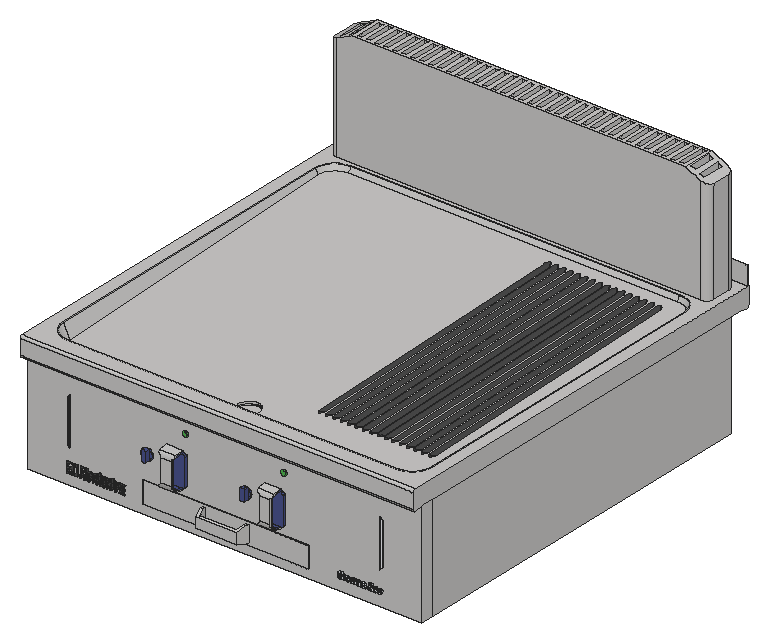
Revit family "QF_ELECTROLUXPROFESSIONAL_588541_MBHOBBHOPO", category Attrezzature speciali, Revit 2020
Family settings
  Quota connettore circolare = Usa diametro
  Tipo di parte = Normale
  Basato su piano di lavoro = No
  Sempre verticale = Sì
  Taglio con vuoti quando caricato = No
  Condiviso = No
  Punto di calcolo locali = No
Parameters (values of type "Standard")
  Weight = 120.00 kg
  Watts = 0 W
  Volts = 0 V
  URL Manufacturer = "https://www.electroluxprofessional.com/"
  URL = "https://www.electroluxprofessional.com/"
  Steam Supply Size = 0"
  Steam Supply Minimum Pressure = 0.00 psi
  Steam Supply Maximum Pressure = 0.00 psi
  Steam Consumption per Hour = 0
  Refrigeration Suction Line Size = 0 mm
  Refrigeration Liquid Line Size = 0 mm
  Refrigerant Compressor Remote = yes
  Prospetto di default = 0 mm
  Phase = 0
  Modello = "MBHOBBHOPO"
  Produttore = "Electrolux Professional"
  Length Actual = 800 mm  # constant formula
  Item Number = "588541"
  Hot Water Size = 0"
  Height Actual = 250 mm  # constant formula
  HP = "0 HP"
  Gas Size = 1/2"
  Gas KW = 20
  Gas Input Pressure = 0.672036 Btu/h
  Direct Waste Size = 0"
  Descrizione = "GAS FRYTOP,MIXED,1-S,BSPL,800X850X250H"
  Depth Actual = 850 mm  # constant formula
  Cycle = 0 Hz
  Condensate Return Size = 0"
  Compressed Air Volume = 0 GPM
  Compressed Air Size = 0"
  Compressed Air Pressure = 0.00 psi
  Cold Water Size = 0"
  Accessory = yes
Reference planes
  plane 1 "BACK": y = 0
  plane 2: z = 0
  plane 3 "LEFT": x = 0
  plane 4 "RIGHT": x = 800
  plane 5 "FRONT": y = -850
  plane 6 "TOP": z = 900
  plane 7 "Center (Left/Right)": x = 400
  plane 8: y = -425
  plane 9: y = -150
  plane 10: y = -65
  plane 11: y = -813
  plane 12 "GasY": y = -540
  plane 13: z = 938
  plane 14 "BaseTop": z = 650
  plane 15: y = -805
  plane 16 "Camino": y = -50
  plane 17: z = 1131
  plane 18 "GASx": x = 764
  plane 19 "PlaneRibbed": through (-6096, -91.999, 890) normal (0, -0.0262, 0.9997)
Forms (mm)
  Extrusion 1, solid, material "QF_Finishes_Stainless Steel"
    sketch origin (-178.969, -4572, 100) x (-1, 0, 0) y (0, -1, 0)
      loop
        line (-178.969, -4527) -> (-178.969, -3767) -> (-978.969, -3767) -> (-978.969, -4527) -> (-178.969, -4527)
    from 550 to 762.969
  Extrusion 2, solid, material "QF_Finishes_Stainless Steel"
    sketch origin (400, 296.4, 1219.2) x (0, 1, 0) y (0, 0, 1)
      loop
        line (-296.4, -319.2) -> (-1141.4, -319.2)
        arc (-1141.4, -319.2) -> (-1144.935, -320.664) -> (-1146.4, -324.2) r 5
        line (-1146.4, -324.2) -> (-1146.4, -355.2)
        arc (-1146.4, -355.2) -> (-1144.971, -358.264) -> (-1141.705, -359.139) r 4
        line (-1141.705, -359.139) -> (-1126.4, -356.231) -> (-316.4, -356.231) -> (-301.094, -359.139)
        arc (-301.094, -359.139) -> (-297.829, -358.264) -> (-296.4, -355.2) r 4
        line (-296.4, -355.2) -> (-296.4, -319.2)
    from -400 to 400
  Extrusion 3, void
    sketch origin (0, 0, 900) x (-1, 0, 0) y (0, -1, 0)
      loop
        arc (-65, 92) -> (-36.716, 103.716) -> (-25, 132) r 40
        line (-25, 132) -> (-25, 773)
        arc (-25, 773) -> (-36.716, 801.284) -> (-65, 813) r 40
        line (-65, 813) -> (-735, 813)
        arc (-735, 813) -> (-763.284, 801.284) -> (-775, 773) r 40
        line (-775, 773) -> (-775, 132)
        arc (-775, 132) -> (-763.284, 103.716) -> (-735, 92) r 40
        line (-735, 92) -> (-65, 92)
    from 0 to -30
  Extrusion 4, solid, material "QF_Finishes_Stainless Steel"
    sketch origin (400, 296.4, 1219.2) x (0, 1, 0) y (0, 0, 1)
      loop
        line (-296.4, -319.2) -> (-296.4, -281.2) -> (-298.4, -281.2) -> (-298.4, -319.2) -> (-296.4, -319.2)
    from 400 to -400
  Extrusion 5, solid, material "QF_Finishes_Stainless Steel"
    sketch origin (9, 0, 650) x (-1, 0, 0) y (0, -1, 0)
      loop
        circle (-755, 540) r 10.1
    from 0 to -10
  Sweep 6, solid, material "QF_Finishes_Stainless Steel"
    path origin (0, 0, 900) x (-1, 0, 0) y (0, -1, 0)
      loop
        line (-25, 132) -> (-25, 773)
        arc (-25, 773) -> (-36.716, 801.284) -> (-65, 813) r 40
        line (-65, 813) -> (-735, 813)
        arc (-735, 813) -> (-763.284, 801.284) -> (-775, 773) r 40
        line (-775, 773) -> (-775, 132)
        arc (-775, 132) -> (-763.284, 103.716) -> (-735, 92) r 40
        line (-735, 92) -> (-65, 92)
        arc (-65, 92) -> (-36.716, 103.716) -> (-25, 132) r 40
    profile origin (25, -452.5, 900) x (1, 0, 0) y (0, 0, 1)
      loop
        line (0, 0) -> (0, -30) -> (15, -30) -> (0, 0)
  Extrusion 7, void
    sketch origin (305.009, 0, 900) x (-1, 0, 0) y (0, -1, 0)
      loop
        circle (-94.991, 769) r 22.248
    from -32.282 to -6.62
  Extrusion 8, solid, material "QF_Finishes_Stainless Steel"
    sketch origin (0, -50, 900) x (1, 0, 0) y (0, 0, 1)
      loop
        line (15, 0) -> (785, 0) -> (785, 209.869) -> (739.685, 231) -> (60.315, 231) -> (15, 209.869) -> (15, 0)
    from 33 to -33
  Extrusion 9, void
    sketch origin (0, 0, 900) x (-1, 0, 0) y (0, -1, 0)
      loop
        line (-15, 83) -> (-30, 83)
        arc (-30, 83) -> (-19.393, 78.607) -> (-15, 68) r 15
        line (-15, 68) -> (-15, 83)
      loop
        line (-15, 17) -> (-15, 32)
        arc (-15, 32) -> (-19.393, 21.393) -> (-30, 17) r 15
        line (-30, 17) -> (-15, 17)
      loop
        line (-785, 83) -> (-785, 68)
        arc (-785, 68) -> (-780.607, 78.607) -> (-770, 83) r 15
        line (-770, 83) -> (-785, 83)
      loop
        line (-785, 17) -> (-770, 17)
        arc (-770, 17) -> (-780.607, 21.393) -> (-785, 32) r 15
        line (-785, 32) -> (-785, 17)
      loop
        line (-413.234, 23) -> (-413.234, 77) -> (-423.234, 77) -> (-423.234, 23) -> (-413.234, 23)
      loop
        line (-395, 23) -> (-395, 77) -> (-405, 77) -> (-405, 23) -> (-395, 23)
      loop
        line (-431.469, 23) -> (-431.469, 77) -> (-441.469, 77) -> (-441.469, 23) -> (-431.469, 23)
      loop
        line (-449.703, 23) -> (-449.703, 77) -> (-459.703, 77) -> (-459.703, 23) -> (-449.703, 23)
      loop
        line (-467.938, 23) -> (-467.938, 77) -> (-477.938, 77) -> (-477.938, 23) -> (-467.938, 23)
      loop
        line (-486.172, 23) -> (-486.172, 77) -> (-496.172, 77) -> (-496.172, 23) -> (-486.172, 23)
      loop
        line (-504.406, 23) -> (-504.406, 77) -> (-514.406, 77) -> (-514.406, 23) -> (-504.406, 23)
      loop
        line (-522.641, 23) -> (-522.641, 77) -> (-532.641, 77) -> (-532.641, 23) -> (-522.641, 23)
      loop
        line (-540.875, 23) -> (-540.875, 77) -> (-550.875, 77) -> (-550.875, 23) -> (-540.875, 23)
      loop
        line (-559.109, 23) -> (-559.109, 77) -> (-569.109, 77) -> (-569.109, 23) -> (-559.109, 23)
      loop
        line (-577.344, 23) -> (-577.344, 77) -> (-587.344, 77) -> (-587.344, 23) -> (-577.344, 23)
      loop
        line (-595.578, 23) -> (-595.578, 77) -> (-605.578, 77) -> (-605.578, 23) -> (-595.578, 23)
      loop
        line (-613.813, 23) -> (-613.813, 77) -> (-623.813, 77) -> (-623.813, 23) -> (-613.813, 23)
      loop
        line (-632.047, 23) -> (-632.047, 77) -> (-642.047, 77) -> (-642.047, 23) -> (-632.047, 23)
      loop
        line (-650.281, 23) -> (-650.281, 77) -> (-660.281, 77) -> (-660.281, 23) -> (-650.281, 23)
      loop
        line (-668.516, 23) -> (-668.516, 77) -> (-678.516, 77) -> (-678.516, 23) -> (-668.516, 23)
      loop
        line (-686.75, 23) -> (-686.75, 77) -> (-696.75, 77) -> (-696.75, 23) -> (-686.75, 23)
      loop
        line (-704.985, 23) -> (-704.985, 77) -> (-714.985, 77) -> (-714.985, 23) -> (-704.985, 23)
      loop
        line (-723.219, 23) -> (-723.219, 77) -> (-733.219, 77) -> (-733.219, 23) -> (-723.219, 23)
      loop
        line (-741.453, 26) -> (-741.453, 74) -> (-751.453, 74) -> (-751.453, 26) -> (-741.453, 26)
      loop
        line (-759.688, 26) -> (-759.688, 74) -> (-769.688, 74) -> (-769.688, 26) -> (-759.688, 26)
      loop
        line (-386.766, 23) -> (-376.766, 23) -> (-376.766, 77) -> (-386.766, 77) -> (-386.766, 23)
      loop
        line (-368.531, 23) -> (-358.531, 23) -> (-358.531, 77) -> (-368.531, 77) -> (-368.531, 23)
      loop
        line (-350.297, 23) -> (-340.297, 23) -> (-340.297, 77) -> (-350.297, 77) -> (-350.297, 23)
      loop
        line (-332.062, 23) -> (-322.062, 23) -> (-322.062, 77) -> (-332.062, 77) -> (-332.062, 23)
      loop
        line (-313.828, 23) -> (-303.828, 23) -> (-303.828, 77) -> (-313.828, 77) -> (-313.828, 23)
      loop
        line (-295.594, 23) -> (-285.594, 23) -> (-285.594, 77) -> (-295.594, 77) -> (-295.594, 23)
      loop
        line (-277.359, 23) -> (-267.359, 23) -> (-267.359, 77) -> (-277.359, 77) -> (-277.359, 23)
      loop
        line (-259.125, 23) -> (-249.125, 23) -> (-249.125, 77) -> (-259.125, 77) -> (-259.125, 23)
      loop
        line (-240.891, 23) -> (-230.891, 23) -> (-230.891, 77) -> (-240.891, 77) -> (-240.891, 23)
      loop
        line (-222.656, 23) -> (-212.656, 23) -> (-212.656, 77) -> (-222.656, 77) -> (-222.656, 23)
      loop
        line (-204.422, 23) -> (-194.422, 23) -> (-194.422, 77) -> (-204.422, 77) -> (-204.422, 23)
      loop
        line (-186.187, 23) -> (-176.187, 23) -> (-176.187, 77) -> (-186.187, 77) -> (-186.187, 23)
      loop
        line (-167.953, 23) -> (-157.953, 23) -> (-157.953, 77) -> (-167.953, 77) -> (-167.953, 23)
      loop
        line (-149.719, 23) -> (-139.719, 23) -> (-139.719, 77) -> (-149.719, 77) -> (-149.719, 23)
      loop
        line (-131.484, 23) -> (-121.484, 23) -> (-121.484, 77) -> (-131.484, 77) -> (-131.484, 23)
      loop
        line (-113.25, 23) -> (-103.25, 23) -> (-103.25, 77) -> (-113.25, 77) -> (-113.25, 23)
      loop
        line (-95.015, 23) -> (-85.015, 23) -> (-85.015, 77) -> (-95.015, 77) -> (-95.015, 23)
      loop
        line (-76.781, 23) -> (-66.781, 23) -> (-66.781, 77) -> (-76.781, 77) -> (-76.781, 23)
      loop
        line (-58.547, 26) -> (-48.547, 26) -> (-48.547, 74) -> (-58.547, 74) -> (-58.547, 26)
      loop
        line (-40.312, 26) -> (-30.312, 26) -> (-30.312, 74) -> (-40.312, 74) -> (-40.312, 26)
    from 231 to 0
  Extrusion 10, solid, material "QF_Finishes_Stainless Steel"
    sketch origin (400, 296.4, 1219.2) x (0, 1, 0) y (0, 0, 1)
      loop
        line (-1109.4, -349.2) -> (-388.4, -349.2) -> (-388.4, -329.2) -> (-1109.4, -347.5) -> (-1109.4, -349.2)
    from -375 to 375
  Extrusion 11, void
    sketch origin (305.009, 0, 900) x (-1, 0, 0) y (0, -1, 0)
      loop
        circle (-94.991, 769) r 22.248
    from -32.282 to -6.62
Cuts and joins
  Extrusion 3, Extrusion 7, Extrusion 9, Extrusion 11 cuts Extrusion 2
  Extrusion 9 cuts Extrusion 8
  Extrusion 11 cuts Sweep 6
  Extrusion 11 cuts Extrusion 10
  joined: Sweep 6, Extrusion 10
Lines and regions (mm)
  symbolic lines
    curve 1: line (0, 0, 100) -> (800, 0, 100)
    curve 2: line (0, -850, 100) -> (0, 0, 100)
    curve 3: line (800, -850, 100) -> (0, -850, 100)
    curve 4: line (800, 0, 100) -> (800, -850, 100)
    curve 5: line (0, -2, 0) -> (800, -2, 0)
    curve 6: line (734.029, -92, 0) -> (65.29, -92, 0)
    curve 7: line (65.29, -813, 0) -> (734.029, -813, 0)
    curve 8: line (65, -107, 900) -> (735, -107, 900)
    curve 9: line (735, -798, 900) -> (65, -798, 900)
    curve 10: arc (760, -773, 900) -> (752.678, -790.678, 900) -> (735, -798, 900) r 25
    curve 11: line (760, -132, 900) -> (760, -773, 900)
    curve 12: arc (735, -107, 900) -> (752.678, -114.322, 900) -> (760, -132, 900) r 25
    curve 13: circle (400, -769, 900) r 22.248 normal (0, 0, 1)
    curve 14: arc (90.5, -112.483, 900) -> (62.314, -124.096, 900) -> (50.5, -152.198, 900) r 39.994
    curve 15: line (90.5, -112.482, 900) -> (710.5, -112.482, 900)
    curve 16: line (50.5, -686.082, 900) -> (50.5, -152.198, 900)
    curve 17: arc (50.5, -686.082, 900) -> (62.314, -714.184, 900) -> (90.5, -725.797, 900) r 39.994
    curve 18: line (710.5, -725.798, 900) -> (90.5, -725.798, 900)
    curve 19: line (40.29, -731.526, 900) -> (760, -731.526, 900)
    curve 20: line (40.29, -741.526, 900) -> (760, -741.526, 900)
    curve 21: arc (65, -92, 900) -> (36.716, -103.716, 900) -> (25, -132, 900) r 40
    curve 22: line (25, -132, 900) -> (25, -773, 900)
    curve 23: arc (25, -773, 900) -> (36.716, -801.284, 900) -> (65, -813, 900) r 40
    curve 24: arc (735, -813, 900) -> (763.284, -801.284, 900) -> (775, -773, 900) r 40
    curve 25: line (775, -773, 900) -> (775, -132, 900)
    curve 26: arc (775, -132, 900) -> (763.284, -103.716, 900) -> (735, -92, 900) r 40
    curve 27: arc (709.5, -112.483, 900) -> (737.686, -124.096, 900) -> (749.5, -152.198, 900) r 39.994
    curve 28: line (749.5, -686.082, 900) -> (749.5, -152.198, 900)
    curve 29: arc (749.5, -686.082, 900) -> (737.686, -714.184, 900) -> (709.5, -725.797, 900) r 39.994
    curve 30: arc (65, -798, 900) -> (47.322, -790.678, 900) -> (40, -773, 900) r 25
    curve 31: line (40, -773, 900) -> (40, -132, 900)
    curve 32: arc (40, -132, 900) -> (47.322, -114.322, 900) -> (65, -107, 900) r 25
    curve 33: line (30, -83, 650) -> (770, -83, 650)
    curve 34: line (770, -17, 650) -> (30, -17, 650)
    curve 35: arc (15, -32, 650) -> (19.393, -21.393, 650) -> (30, -17, 650) r 15
    curve 36: line (15, -32, 650) -> (15, -68, 650)
    curve 37: arc (30, -83, 650) -> (19.393, -78.607, 650) -> (15, -68, 650) r 15
    curve 38: arc (785, -68, 650) -> (780.607, -78.607, 650) -> (770, -83, 650) r 15
    curve 39: line (785, -68, 650) -> (785, -32, 650)
    curve 40: arc (770, -17, 650) -> (780.607, -21.393, 650) -> (785, -32, 650) r 15
    curve 41: line (30.312, -26, 650) -> (30.312, -74, 650)
    curve 42: line (40.312, -26, 650) -> (30.312, -26, 650)
    curve 43: line (30.312, -74, 650) -> (40.312, -74, 650)
    curve 44: line (40.312, -74, 650) -> (40.312, -26, 650)
    curve 45: line (48.547, -74, 650) -> (58.547, -74, 650)
    curve 46: line (48.547, -26, 650) -> (48.547, -74, 650)
    curve 47: line (58.547, -26, 650) -> (48.547, -26, 650)
    curve 48: line (58.547, -74, 650) -> (58.547, -26, 650)
    curve 49: line (66.781, -23, 650) -> (66.781, -77, 650)
    curve 50: line (66.781, -23, 650) -> (76.781, -23, 650)
    curve 51: line (76.781, -23, 650) -> (76.781, -77, 650)
    curve 52: line (76.781, -77, 650) -> (66.781, -77, 650)
    curve 53: line (85.015, -23, 650) -> (85.015, -77, 650)
    curve 54: line (85.015, -23, 650) -> (95.015, -23, 650)
    curve 55: line (95.015, -23, 650) -> (95.015, -77, 650)
    curve 56: line (95.015, -77, 650) -> (85.015, -77, 650)
    curve 57: line (103.25, -23, 650) -> (103.25, -77, 650)
    curve 58: line (103.25, -23, 650) -> (113.25, -23, 650)
    curve 59: line (113.25, -23, 650) -> (113.25, -77, 650)
    curve 60: line (113.25, -77, 650) -> (103.25, -77, 650)
    curve 61: line (121.484, -23, 650) -> (121.484, -77, 650)
    curve 62: line (121.484, -23, 650) -> (131.484, -23, 650)
    curve 63: line (131.484, -23, 650) -> (131.484, -77, 650)
    curve 64: line (131.484, -77, 650) -> (121.484, -77, 650)
    curve 65: line (139.719, -23, 650) -> (139.719, -77, 650)
    curve 66: line (139.719, -23, 650) -> (149.719, -23, 650)
    curve 67: line (149.719, -23, 650) -> (149.719, -77, 650)
    curve 68: line (149.719, -77, 650) -> (139.719, -77, 650)
    curve 69: line (157.953, -23, 650) -> (157.953, -77, 650)
    curve 70: line (157.953, -23, 650) -> (167.953, -23, 650)
    curve 71: line (167.953, -23, 650) -> (167.953, -77, 650)
    curve 72: line (167.953, -77, 650) -> (157.953, -77, 650)
    curve 73: line (176.187, -23, 650) -> (176.187, -77, 650)
    curve 74: line (176.187, -23, 650) -> (186.187, -23, 650)
    curve 75: line (186.187, -23, 650) -> (186.187, -77, 650)
    curve 76: line (186.187, -77, 650) -> (176.187, -77, 650)
    curve 77: line (194.422, -23, 650) -> (194.422, -77, 650)
    curve 78: line (194.422, -23, 650) -> (204.422, -23, 650)
    curve 79: line (204.422, -23, 650) -> (204.422, -77, 650)
    curve 80: line (204.422, -77, 650) -> (194.422, -77, 650)
    curve 81: line (212.656, -23, 650) -> (212.656, -77, 650)
    curve 82: line (212.656, -23, 650) -> (222.656, -23, 650)
    curve 83: line (222.656, -23, 650) -> (222.656, -77, 650)
    curve 84: line (222.656, -77, 650) -> (212.656, -77, 650)
    curve 85: line (230.891, -23, 650) -> (230.891, -77, 650)
    curve 86: line (230.891, -23, 650) -> (240.891, -23, 650)
    curve 87: line (240.891, -23, 650) -> (240.891, -77, 650)
    curve 88: line (240.891, -77, 650) -> (230.891, -77, 650)
    curve 89: line (249.125, -23, 650) -> (249.125, -77, 650)
    curve 90: line (249.125, -23, 650) -> (259.125, -23, 650)
    curve 91: line (259.125, -23, 650) -> (259.125, -77, 650)
    curve 92: line (259.125, -77, 650) -> (249.125, -77, 650)
    curve 93: line (267.359, -23, 650) -> (267.359, -77, 650)
    curve 94: line (267.359, -23, 650) -> (277.359, -23, 650)
    curve 95: line (277.359, -23, 650) -> (277.359, -77, 650)
    curve 96: line (277.359, -77, 650) -> (267.359, -77, 650)
    curve 97: line (285.594, -23, 650) -> (285.594, -77, 650)
    curve 98: line (285.594, -23, 650) -> (295.594, -23, 650)
    curve 99: line (295.594, -23, 650) -> (295.594, -77, 650)
    curve 100: line (295.594, -77, 650) -> (285.594, -77, 650)
    curve 101: line (303.828, -23, 650) -> (303.828, -77, 650)
    curve 102: line (303.828, -23, 650) -> (313.828, -23, 650)
    curve 103: line (313.828, -23, 650) -> (313.828, -77, 650)
    curve 104: line (313.828, -77, 650) -> (303.828, -77, 650)
    curve 105: line (322.062, -23, 650) -> (322.062, -77, 650)
    curve 106: line (322.062, -23, 650) -> (332.062, -23, 650)
    curve 107: line (332.062, -23, 650) -> (332.062, -77, 650)
    curve 108: line (332.062, -77, 650) -> (322.062, -77, 650)
    curve 109: line (340.297, -23, 650) -> (340.297, -77, 650)
    curve 110: line (340.297, -23, 650) -> (350.297, -23, 650)
    curve 111: line (350.297, -23, 650) -> (350.297, -77, 650)
    curve 112: line (350.297, -77, 650) -> (340.297, -77, 650)
    curve 113: line (358.531, -23, 650) -> (358.531, -77, 650)
    curve 114: line (358.531, -23, 650) -> (368.531, -23, 650)
    curve 115: line (368.531, -23, 650) -> (368.531, -77, 650)
    curve 116: line (368.531, -77, 650) -> (358.531, -77, 650)
    curve 117: line (376.766, -23, 650) -> (376.766, -77, 650)
    curve 118: line (376.766, -23, 650) -> (386.766, -23, 650)
    curve 119: line (386.766, -23, 650) -> (386.766, -77, 650)
    curve 120: line (386.766, -77, 650) -> (376.766, -77, 650)
    curve 121: line (395, -23, 650) -> (395, -77, 650)
    curve 122: line (395, -23, 650) -> (405, -23, 650)
    curve 123: line (405, -23, 650) -> (405, -77, 650)
    curve 124: line (405, -77, 650) -> (395, -77, 650)
    curve 125: line (413.234, -23, 650) -> (413.234, -77, 650)
    curve 126: line (413.234, -23, 650) -> (423.234, -23, 650)
    curve 127: line (423.234, -23, 650) -> (423.234, -77, 650)
    curve 128: line (423.234, -77, 650) -> (413.234, -77, 650)
    curve 129: line (431.469, -23, 650) -> (431.469, -77, 650)
    curve 130: line (431.469, -23, 650) -> (441.469, -23, 650)
    curve 131: line (441.469, -23, 650) -> (441.469, -77, 650)
    curve 132: line (441.469, -77, 650) -> (431.469, -77, 650)
    curve 133: line (449.703, -23, 650) -> (449.703, -77, 650)
    curve 134: line (449.703, -23, 650) -> (459.703, -23, 650)
    curve 135: line (459.703, -23, 650) -> (459.703, -77, 650)
    curve 136: line (459.703, -77, 650) -> (449.703, -77, 650)
    curve 137: line (467.938, -23, 650) -> (467.938, -77, 650)
    curve 138: line (467.938, -23, 650) -> (477.938, -23, 650)
    curve 139: line (477.938, -23, 650) -> (477.938, -77, 650)
    curve 140: line (477.938, -77, 650) -> (467.938, -77, 650)
    curve 141: line (486.172, -23, 650) -> (486.172, -77, 650)
    curve 142: line (486.172, -23, 650) -> (496.172, -23, 650)
    curve 143: line (496.172, -23, 650) -> (496.172, -77, 650)
    curve 144: line (496.172, -77, 650) -> (486.172, -77, 650)
    curve 145: line (504.406, -23, 650) -> (504.406, -77, 650)
    curve 146: line (504.406, -23, 650) -> (514.406, -23, 650)
    curve 147: line (514.406, -23, 650) -> (514.406, -77, 650)
    curve 148: line (514.406, -77, 650) -> (504.406, -77, 650)
    curve 149: line (522.641, -23, 650) -> (522.641, -77, 650)
    curve 150: line (522.641, -23, 650) -> (532.641, -23, 650)
    curve 151: line (532.641, -23, 650) -> (532.641, -77, 650)
    curve 152: line (532.641, -77, 650) -> (522.641, -77, 650)
    curve 153: line (540.875, -23, 650) -> (540.875, -77, 650)
    curve 154: line (540.875, -23, 650) -> (550.875, -23, 650)
    curve 155: line (550.875, -23, 650) -> (550.875, -77, 650)
    curve 156: line (550.875, -77, 650) -> (540.875, -77, 650)
    curve 157: line (559.109, -23, 650) -> (559.109, -77, 650)
    curve 158: line (559.109, -23, 650) -> (569.109, -23, 650)
    curve 159: line (569.109, -23, 650) -> (569.109, -77, 650)
    curve 160: line (569.109, -77, 650) -> (559.109, -77, 650)
    curve 161: line (577.344, -23, 650) -> (577.344, -77, 650)
    curve 162: line (577.344, -23, 650) -> (587.344, -23, 650)
    curve 163: line (587.344, -23, 650) -> (587.344, -77, 650)
    curve 164: line (587.344, -77, 650) -> (577.344, -77, 650)
    curve 165: line (595.578, -23, 650) -> (595.578, -77, 650)
    curve 166: line (595.578, -23, 650) -> (605.578, -23, 650)
    curve 167: line (605.578, -23, 650) -> (605.578, -77, 650)
    curve 168: line (605.578, -77, 650) -> (595.578, -77, 650)
    curve 169: line (613.813, -23, 650) -> (613.813, -77, 650)
    curve 170: line (613.813, -23, 650) -> (623.813, -23, 650)
    curve 171: line (623.813, -23, 650) -> (623.813, -77, 650)
    curve 172: line (623.813, -77, 650) -> (613.813, -77, 650)
    curve 173: line (632.047, -23, 650) -> (632.047, -77, 650)
    curve 174: line (632.047, -23, 650) -> (642.047, -23, 650)
    curve 175: line (642.047, -23, 650) -> (642.047, -77, 650)
    curve 176: line (642.047, -77, 650) -> (632.047, -77, 650)
    curve 177: line (650.281, -23, 650) -> (650.281, -77, 650)
    curve 178: line (650.281, -23, 650) -> (660.281, -23, 650)
    curve 179: line (660.281, -23, 650) -> (660.281, -77, 650)
    curve 180: line (660.281, -77, 650) -> (650.281, -77, 650)
    curve 181: line (668.516, -23, 650) -> (668.516, -77, 650)
    curve 182: line (668.516, -23, 650) -> (678.516, -23, 650)
    curve 183: line (678.516, -23, 650) -> (678.516, -77, 650)
    curve 184: line (678.516, -77, 650) -> (668.516, -77, 650)
    curve 185: line (686.75, -23, 650) -> (686.75, -77, 650)
    curve 186: line (686.75, -23, 650) -> (696.75, -23, 650)
    curve 187: line (696.75, -23, 650) -> (696.75, -77, 650)
    curve 188: line (696.75, -77, 650) -> (686.75, -77, 650)
    curve 189: line (704.985, -23, 650) -> (704.985, -77, 650)
    curve 190: line (704.985, -23, 650) -> (714.985, -23, 650)
    curve 191: line (714.985, -23, 650) -> (714.985, -77, 650)
    curve 192: line (714.985, -77, 650) -> (704.985, -77, 650)
    curve 193: line (723.219, -23, 650) -> (723.219, -77, 650)
    curve 194: line (723.219, -23, 650) -> (733.219, -23, 650)
    curve 195: line (733.219, -23, 650) -> (733.219, -77, 650)
    curve 196: line (733.219, -77, 650) -> (723.219, -77, 650)
    curve 197: line (741.453, -26, 650) -> (741.453, -74, 650)
    curve 198: line (741.453, -26, 650) -> (751.453, -26, 650)
    curve 199: line (751.453, -26, 650) -> (751.453, -74, 650)
    curve 200: line (751.453, -74, 650) -> (741.453, -74, 650)
    curve 201: line (759.688, -26, 650) -> (759.688, -74, 650)
    curve 202: line (759.688, -26, 650) -> (769.688, -26, 650)
    curve 203: line (769.688, -26, 650) -> (769.688, -74, 650)
    curve 204: line (769.688, -74, 650) -> (759.688, -74, 650)
Dimensions and locks
  plane 3 "LEFT" to plane 4 "RIGHT" = 800 mm
  locked: plane 5 "FRONT" to plane 1 "BACK" at 850
  plane 3 "LEFT" to plane 7 "Center (Left/Right)" to plane 4 "RIGHT" = 400 mm, 400 mm
  equal spacing: plane 5 "FRONT", plane 8, plane 1 "BACK"
  plane 6 "TOP" to level = 900 mm  (x2)
  plane 1 "BACK" to plane 9 = 150 mm
  plane 12 "GasY" to plane 1 "BACK" = 540 mm
  plane 13 to plane 6 "TOP" = 38 mm
  plane 10 to plane 1 "BACK" = 65 mm
  plane 5 "FRONT" to plane 11 = 37 mm
  locked: plane 6 "TOP" to plane 14 "BaseTop" at 250
  locked: plane 15 to plane 5 "FRONT" at 45
  plane 16 "Camino" to plane 1 "BACK" = 50 mm
  plane 17 to plane 6 "TOP" = 231 mm
  plane 18 "GASx" to plane 4 "RIGHT" = 36 mm
  aligned and locked: level to plane 2
  aligned and locked: cut or joined group of Extrusion 2, Extrusion 3, Extrusion 7, Extrusion 9, Extrusion 11 to plane 3 "LEFT"
  aligned and locked: cut or joined group of Extrusion 2, Extrusion 3, Extrusion 7, Extrusion 9, Extrusion 11 to plane 4 "RIGHT"
  aligned and locked: nested 1 to plane 15
  aligned and locked: Extrusion 1 to plane 15
  aligned and locked: Extrusion 4 to plane 3 "LEFT"
  aligned and locked: Extrusion 4 to plane 4 "RIGHT"
  aligned and locked: plane 3 "LEFT" to nested 1
Automatic sketch dimensions
  curve 5 to plane 3 "LEFT" = 0 mm
  plane 11 to curve 7 = 0 mm
  curve 5 to plane 4 "RIGHT" = 0 mm
  plane 10 to curve 6 = 27 mm
  plane 3 "LEFT" to curve 6 = 65.29 mm
  plane 3 "LEFT" to curve 7 = 65.29 mm
  plane 18 "GASx" to curve 6 = 29.971 mm
  plane 18 "GASx" to curve 7 = 29.971 mm
  plane 1 "BACK" to curve 5 = 2 mm
  Extrusion 1 sketch curve to plane 4 "RIGHT" = 0 mm
  Extrusion 1 sketch curve to plane 3 "LEFT" = 0 mm
  Extrusion 1 sketch curve to plane 15 = 0 mm
  Extrusion 1 sketch curve to plane 16 "Camino" = 5 mm
  plane 1 "BACK" to curve 1 = 0 mm
  curve 1 to plane 4 "RIGHT" = 0 mm
  curve 3 to plane 3 "LEFT" = 0 mm
  plane 5 "FRONT" to curve 3 = 0 mm
  Extrusion 2 sketch curve to plane 5 "FRONT" = 0 mm
  Extrusion 2 sketch curve to plane 6 "TOP" = 0 mm
  Extrusion 2 sketch curve to plane 1 "BACK" = 0 mm
  Extrusion 2 sketch curve to Extrusion 2 sketch curve = 4 mm
  Extrusion 2 sketch curve to Extrusion 2 sketch curve = 0.695 mm
  Extrusion 2 sketch curve to plane 5 "FRONT" = 5 mm
  Extrusion 2 sketch curve to Extrusion 2 sketch curve = 15.305 mm
  plane 1 "BACK" to Extrusion 2 sketch curve = 20 mm
  plane 1 "BACK" to Extrusion 2 sketch curve = 4.695 mm
  plane 1 "BACK" to Extrusion 2 sketch curve = 4 mm
  Extrusion 2 sketch curve to Extrusion 2 sketch curve = 31 mm
  Extrusion 2 sketch curve to Extrusion 2 sketch curve = 36 mm
  Extrusion 2 sketch curve to Extrusion 2 sketch curve = 2.909 mm
  plane 11 to Extrusion 3 sketch curve = 0 mm
  Extrusion 3 sketch curve to plane 18 "GASx" = 11 mm
  plane 18 "GASx" to Extrusion 3 sketch curve = 29 mm  (x2)
  plane 3 "LEFT" to Extrusion 3 sketch curve = 65 mm  (x2)
  plane 9 to Extrusion 3 sketch curve = 18 mm
  plane 3 "LEFT" to Extrusion 3 sketch curve = 25 mm
  curve 10 to curve 24 = 0 mm  (x2)
  curve 12 to curve 26 = 0 mm  (x2)
  curve 21 to curve 32 = 0 mm  (x2)
  curve 23 to curve 30 = 0 mm  (x2)
  plane 11 to curve 24 = 0 mm
  curve 13 to plane 7 "Center (Left/Right)" = 0 mm
  plane 11 to curve 23 = 0 mm
  curve 29 to plane 12 "GasY" = 145.803 mm
  plane 18 "GASx" to curve 29 = 54.493 mm
  curve 27 to plane 9 = 2.477 mm
  plane 18 "GASx" to curve 27 = 54.493 mm
  plane 9 to curve 12 = 18 mm
  plane 18 "GASx" to curve 12 = 29 mm
  plane 18 "GASx" to curve 24 = 29 mm
  curve 28 to plane 9 = 2.198 mm
  plane 18 "GASx" to curve 28 = 14.5 mm
  plane 18 "GASx" to curve 11 = 4 mm
  curve 25 to plane 18 "GASx" = 11 mm
  curve 17 to plane 12 "GasY" = 145.803 mm
  plane 3 "LEFT" to curve 17 = 90.493 mm
  curve 14 to plane 9 = 2.477 mm
  plane 3 "LEFT" to curve 14 = 90.493 mm
  curve 14 to curve 21 = 25.493 mm
  curve 23 to plane 11 = 40 mm
  plane 3 "LEFT" to curve 23 = 65 mm
  curve 17 to curve 16 = 39.993 mm
  curve 16 to plane 9 = 2.198 mm
  curve 16 to plane 12 "GasY" = 146.082 mm
  curve 28 to plane 12 "GasY" = 146.082 mm
  curve 13 to plane 11 = 44 mm
  curve 8 to curve 27 = 25.5 mm
  curve 29 to curve 29 = 0.007 mm
  curve 15 to curve 27 = 1 mm
  curve 18 to curve 29 = 1 mm
  curve 18 to curve 17 = 0.007 mm
  curve 15 to curve 8 = 25.5 mm
  curve 15 to curve 14 = 0 mm
  curve 18 to curve 17 = 0 mm
  curve 20 to curve 30 = 0.29 mm
  curve 19 to curve 20 = 0 mm
  curve 15 to curve 14 = 0.001 mm
  curve 29 to curve 18 = 0.001 mm
  curve 19 to curve 30 = 41.474 mm
  curve 19 to curve 20 = 10 mm
  Extrusion 4 sketch curve to plane 6 "TOP" = 0 mm
  Extrusion 4 sketch curve to plane 13 = 0 mm
  Extrusion 4 sketch curve to plane 1 "BACK" = 0 mm
  Extrusion 4 sketch curve to Extrusion 4 sketch curve = 2 mm
  Extrusion 5 sketch curve to plane 12 "GasY" = 0 mm
  Extrusion 5 sketch curve to plane 18 "GASx" = 0 mm
  plane 11 to Sweep 6 sketch curve = 0 mm
  Sweep 6 sketch curve to plane 18 "GASx" = 11 mm
  plane 18 "GASx" to Sweep 6 sketch curve = 29 mm  (x2)
  plane 3 "LEFT" to Sweep 6 sketch curve = 65 mm  (x2)
  plane 10 to Sweep 6 sketch curve = 27 mm
  plane 3 "LEFT" to Sweep 6 sketch curve = 25 mm
  profile plane to Sweep 6 sketch curve = 0 mm
  Sweep 6 sketch curve to plane 6 "TOP" = 0 mm
  Sweep 6 sketch curve to profile plane = 15 mm
  Sweep 6 sketch curve to plane 6 "TOP" = 30 mm
  Extrusion 7 sketch curve to plane 7 "Center (Left/Right)" = 0 mm
  Extrusion 7 sketch curve to plane 11 = 44 mm
  Extrusion 7 sketch curve to plane 7 "Center (Left/Right)" = 12.288 mm
  Extrusion 7 sketch curve to Extrusion 7 sketch curve = 0 mm
  Extrusion 7 sketch curve to Extrusion 7 sketch curve = 18.547 mm
  Extrusion 8 sketch curve to plane 6 "TOP" = 0 mm
  Extrusion 8 sketch curve to plane 17 = 0 mm
  plane 3 "LEFT" to Extrusion 8 sketch curve = 15 mm
  Extrusion 8 sketch curve to Extrusion 8 sketch curve = 45.315 mm
  plane 18 "GASx" to Extrusion 8 sketch curve = 24.315 mm
  plane 4 "RIGHT" to Extrusion 8 sketch curve = 15 mm
  Extrusion 8 sketch curve to plane 17 = 21.131 mm  (x2)
  plane 10 to Extrusion 9 sketch curve = 3 mm  (x2)
  plane 4 "RIGHT" to Extrusion 9 sketch curve = 15 mm  (x2)
  Extrusion 9 sketch curve to plane 18 "GASx" = 6 mm  (x2)
  Extrusion 9 sketch curve to plane 18 "GASx" = 5.688 mm
  plane 18 "GASx" to Extrusion 9 sketch curve = 4.312 mm
  Extrusion 9 sketch curve to Extrusion 9 sketch curve = 8.234 mm  (x39)
  Extrusion 9 sketch curve to Extrusion 9 sketch curve = 10 mm  (x39)
  plane 7 "Center (Left/Right)" to Extrusion 9 sketch curve = 5 mm
  Extrusion 9 sketch curve to plane 7 "Center (Left/Right)" = 5 mm
  Extrusion 9 sketch curve to Extrusion 9 sketch curve = 0.312 mm  (x2)
  Extrusion 9 sketch curve to Extrusion 9 sketch curve = 15 mm  (x2)
  Extrusion 9 sketch curve to plane 16 "Camino" = 18 mm  (x2)
  Extrusion 9 sketch curve to plane 16 "Camino" = 24 mm
  Extrusion 9 sketch curve to Extrusion 9 sketch curve = 6 mm  (x2)
  Extrusion 9 sketch curve to Extrusion 9 sketch curve = 0 mm  (x67)
  plane 1 "BACK" to Extrusion 9 sketch curve = 23 mm  (x2)
  Extrusion 9 sketch curve to Extrusion 9 sketch curve = 3 mm  (x3)
  plane 10 to Extrusion 9 sketch curve = 9 mm  (x3)
  plane 10 to Extrusion 9 sketch curve = 12 mm  (x4)
  plane 10 to curve 39 = 3 mm
  plane 4 "RIGHT" to curve 39 = 15 mm
  curve 34 to plane 18 "GASx" = 6 mm
  curve 33 to plane 18 "GASx" = 6 mm
  curve 203 to plane 18 "GASx" = 5.688 mm
  plane 18 "GASx" to curve 202 = 4.312 mm
  curve 201 to curve 198 = 8.234 mm
  curve 198 to curve 198 = 10 mm
  curve 197 to curve 194 = 8.234 mm
  curve 195 to curve 196 = 10 mm
  curve 193 to curve 192 = 8.234 mm
  curve 190 to curve 190 = 10 mm
  curve 189 to curve 186 = 8.234 mm
  curve 186 to curve 186 = 10 mm
  curve 185 to curve 182 = 8.234 mm
  curve 183 to curve 184 = 10 mm
  curve 181 to curve 180 = 8.234 mm
  curve 178 to curve 178 = 10 mm
  curve 177 to curve 174 = 8.234 mm
  curve 174 to curve 174 = 10 mm
  curve 173 to curve 170 = 8.234 mm
  curve 171 to curve 172 = 10 mm
  curve 169 to curve 168 = 8.234 mm
  curve 166 to curve 166 = 10 mm
  curve 165 to curve 162 = 8.234 mm
  curve 162 to curve 162 = 10 mm
  curve 161 to curve 158 = 8.234 mm
  curve 159 to curve 160 = 10 mm
  curve 157 to curve 156 = 8.234 mm
  curve 154 to curve 154 = 10 mm
  curve 153 to curve 150 = 8.234 mm
  curve 150 to curve 150 = 10 mm
  curve 149 to curve 146 = 8.234 mm
  curve 147 to curve 148 = 10 mm
  curve 145 to curve 144 = 8.234 mm
  curve 142 to curve 142 = 10 mm
  curve 141 to curve 138 = 8.234 mm
  curve 138 to curve 138 = 10 mm
  curve 137 to curve 134 = 8.234 mm
  curve 135 to curve 136 = 10 mm
  curve 133 to curve 132 = 8.234 mm
  curve 130 to curve 130 = 10 mm
  curve 129 to curve 126 = 8.234 mm
  curve 126 to curve 126 = 10 mm
  plane 7 "Center (Left/Right)" to curve 123 = 5 mm
  curve 121 to plane 7 "Center (Left/Right)" = 5 mm
  curve 121 to curve 120 = 8.234 mm
  curve 118 to curve 117 = 10 mm
  curve 117 to curve 116 = 8.234 mm
  curve 114 to curve 114 = 10 mm
  curve 113 to curve 110 = 8.234 mm
  curve 110 to curve 110 = 10 mm
  curve 109 to curve 106 = 8.234 mm
  curve 107 to curve 108 = 10 mm
  curve 105 to curve 104 = 8.234 mm
  curve 102 to curve 102 = 10 mm
  curve 101 to curve 98 = 8.234 mm
  curve 98 to curve 98 = 10 mm
  curve 97 to curve 94 = 8.234 mm
  curve 95 to curve 96 = 10 mm
  curve 93 to curve 92 = 8.234 mm
  curve 90 to curve 90 = 10 mm
  curve 89 to curve 86 = 8.234 mm
  curve 86 to curve 86 = 10 mm
  curve 85 to curve 82 = 8.234 mm
  curve 83 to curve 84 = 10 mm
  curve 81 to curve 80 = 8.234 mm
  curve 78 to curve 78 = 10 mm
  curve 77 to curve 74 = 8.234 mm
  curve 74 to curve 74 = 10 mm
  curve 73 to curve 70 = 8.234 mm
  curve 70 to curve 70 = 10 mm
  curve 69 to curve 66 = 8.234 mm
  curve 67 to curve 68 = 10 mm
  curve 65 to curve 64 = 8.234 mm
  curve 63 to curve 64 = 10 mm
  curve 61 to curve 60 = 8.234 mm
  curve 59 to curve 60 = 10 mm
  curve 57 to curve 54 = 8.234 mm
  curve 54 to curve 54 = 10 mm
  curve 53 to curve 50 = 8.234 mm
  curve 51 to curve 52 = 10 mm
  curve 49 to curve 48 = 8.234 mm
  curve 47 to curve 46 = 10 mm
  curve 45 to curve 44 = 8.234 mm
  curve 42 to curve 42 = 10 mm
  curve 41 to curve 34 = 0.312 mm
  plane 10 to curve 37 = 3 mm
  curve 41 to curve 37 = 0.312 mm
  curve 35 to plane 16 "Camino" = 18 mm
  curve 46 to curve 35 = 6 mm
  curve 44 to curve 46 = 0 mm
  curve 202 to curve 40 = 6 mm
  curve 197 to curve 201 = 0 mm
  plane 1 "BACK" to curve 129 = 23 mm
  plane 1 "BACK" to curve 106 = 23 mm
  plane 1 "BACK" to curve 151 = 23 mm
  curve 150 to curve 153 = 0 mm
  curve 103 to curve 105 = 0 mm
  curve 154 to curve 157 = 0 mm
  curve 99 to curve 101 = 0 mm
  curve 158 to curve 161 = 0 mm
  curve 95 to curve 97 = 0 mm
  curve 162 to curve 165 = 0 mm
  curve 91 to curve 93 = 0 mm
  curve 166 to curve 169 = 0 mm
  curve 87 to curve 89 = 0 mm
  curve 170 to curve 173 = 0 mm
  curve 83 to curve 85 = 0 mm
  curve 174 to curve 177 = 0 mm
  curve 79 to curve 81 = 0 mm
  curve 178 to curve 181 = 0 mm
  curve 75 to curve 77 = 0 mm
  curve 182 to curve 185 = 0 mm
  curve 71 to curve 73 = 0 mm
  curve 186 to curve 189 = 0 mm
  curve 67 to curve 69 = 0 mm
  curve 190 to curve 193 = 0 mm
  curve 63 to curve 65 = 0 mm
  curve 59 to curve 61 = 0 mm
  curve 106 to curve 109 = 0 mm
  curve 147 to curve 149 = 0 mm  (x2)
  curve 55 to curve 57 = 0 mm
  curve 51 to curve 53 = 0 mm
  curve 110 to curve 113 = 0 mm
  curve 143 to curve 145 = 0 mm  (x2)
  curve 114 to curve 117 = 0 mm
  curve 139 to curve 141 = 0 mm  (x2)
  curve 118 to curve 121 = 0 mm
  curve 135 to curve 137 = 0 mm  (x2)
  curve 122 to curve 125 = 0 mm
  plane 10 to curve 44 = 9 mm
  plane 10 to curve 48 = 9 mm
  plane 10 to curve 199 = 9 mm
  curve 38 to curve 203 = 6 mm
  plane 10 to curve 128 = 12 mm
  curve 127 to curve 129 = 0 mm
  plane 10 to curve 124 = 12 mm
  curve 131 to curve 133 = 0 mm
  plane 10 to curve 120 = 12 mm
  plane 10 to curve 116 = 12 mm
  plane 10 to curve 112 = 12 mm
  plane 10 to curve 108 = 12 mm
  plane 10 to curve 104 = 12 mm
  curve 151 to curve 153 = 0 mm
  plane 10 to curve 100 = 12 mm
  curve 155 to curve 157 = 0 mm
  plane 10 to curve 96 = 12 mm
  curve 159 to curve 161 = 0 mm
  plane 10 to curve 92 = 12 mm
  curve 163 to curve 165 = 0 mm
  plane 10 to curve 88 = 12 mm
  curve 167 to curve 169 = 0 mm
  plane 10 to curve 84 = 12 mm
  curve 171 to curve 173 = 0 mm
  plane 10 to curve 80 = 12 mm
  curve 175 to curve 177 = 0 mm
  plane 10 to curve 76 = 12 mm
  curve 179 to curve 181 = 0 mm
  plane 10 to curve 72 = 12 mm
  curve 183 to curve 185 = 0 mm
  plane 10 to curve 68 = 12 mm
  curve 187 to curve 189 = 0 mm
  plane 10 to curve 64 = 12 mm
  curve 191 to curve 193 = 0 mm
  plane 10 to curve 60 = 12 mm
  plane 10 to curve 56 = 12 mm
  curve 45 to curve 52 = 3 mm
  Extrusion 11 sketch curve to plane 7 "Center (Left/Right)" = 0 mm
  Extrusion 11 sketch curve to plane 11 = 44 mm
  Extrusion 11 sketch curve to plane 7 "Center (Left/Right)" = 12.288 mm
  Extrusion 11 sketch curve to Extrusion 11 sketch curve = 0 mm
  Extrusion 11 sketch curve to Extrusion 11 sketch curve = 18.547 mm
  Extrusion 10 sketch curve to plane 11 = 0 mm
  plane 10 to Extrusion 10 sketch curve = 27 mm
  Extrusion 10 sketch curve to plane 6 "TOP" = 30 mm
  Extrusion 10 sketch curve to plane 6 "TOP" = 10 mm
  Extrusion 10 sketch curve to Extrusion 10 sketch curve = 1.7 mm
  radius of curve 13 = 22.248 mm
  radius of Extrusion 5 sketch curve = 10.1 mm
Nested families
  nested 1: "Front_Panel_W800_Two Knobs_2Spie_Manop" at (202.376, -805, 0), type "Front_Panel_W800_Two Knobs_2Spie_Manop"
  nested 2: "Rib_D12" at (662.5, -408.263, 881.973) x (-1, 0, 0) z (0, -0.0254, 0.9997), type "Rib_D12"
    with Show Clearance yes, Lenght 588 mm
  nested 3: "Rib_D12" at (647.5, -408.263, 881.973) x (-1, 0, 0) z (0, -0.0254, 0.9997), type "Rib_D12"
    with Show Clearance yes, Lenght 588 mm
  nested 4: "Rib_D12" at (632.5, -408.263, 881.973) x (-1, 0, 0) z (0, -0.0254, 0.9997), type "Rib_D12"
    with Show Clearance yes, Lenght 588 mm
  nested 5: "Rib_D12" at (617.5, -408.263, 881.973) x (-1, 0, 0) z (0, -0.0254, 0.9997), type "Rib_D12"
    with Show Clearance yes, Lenght 588 mm
  nested 6: "Rib_D12" at (602.5, -408.263, 881.973) x (-1, 0, 0) z (0, -0.0254, 0.9997), type "Rib_D12"
    with Show Clearance yes, Lenght 588 mm
  nested 7: "Rib_D12" at (587.5, -408.263, 881.973) x (-1, 0, 0) z (0, -0.0254, 0.9997), type "Rib_D12"
    with Show Clearance yes, Lenght 588 mm
  nested 8: "Rib_D12" at (572.5, -408.263, 881.973) x (-1, 0, 0) z (0, -0.0254, 0.9997), type "Rib_D12"
    with Show Clearance yes, Lenght 588 mm
  nested 9: "Rib_D12" at (557.5, -408.263, 881.973) x (-1, 0, 0) z (0, -0.0254, 0.9997), type "Rib_D12"
    with Show Clearance yes, Lenght 588 mm
  nested 10: "Rib_D12" at (542.5, -408.263, 881.973) x (-1, 0, 0) z (0, -0.0254, 0.9997), type "Rib_D12"
    with Show Clearance yes, Lenght 588 mm
  nested 11: "Rib_D12" at (527.5, -408.263, 881.973) x (-1, 0, 0) z (0, -0.0254, 0.9997), type "Rib_D12"
    with Show Clearance yes, Lenght 588 mm
  nested 12: "Rib_D12" at (512.5, -408.263, 881.973) x (-1, 0, 0) z (0, -0.0254, 0.9997), type "Rib_D12"
    with Show Clearance yes, Lenght 588 mm
  nested 13: "Rib_D12" at (497.5, -408.263, 881.973) x (-1, 0, 0) z (0, -0.0254, 0.9997), type "Rib_D12"
    with Show Clearance yes, Lenght 588 mm
  nested 14: "Rib_D12" at (722.5, -408.263, 881.973) x (-1, 0, 0) z (0, -0.0254, 0.9997), type "Rib_D12"
    with Show Clearance yes, Lenght 588 mm
  nested 15: "Rib_D12" at (707.5, -408.263, 881.973) x (-1, 0, 0) z (0, -0.0254, 0.9997), type "Rib_D12"
    with Show Clearance yes, Lenght 588 mm
  nested 16: "Rib_D12" at (692.5, -408.263, 881.973) x (-1, 0, 0) z (0, -0.0254, 0.9997), type "Rib_D12"
    with Show Clearance yes, Lenght 588 mm
  nested 17: "Rib_D12" at (677.5, -408.263, 881.973) x (-1, 0, 0) z (0, -0.0254, 0.9997), type "Rib_D12"
    with Show Clearance yes, Lenght 588 mm
Connectors
  piping at (764, -540, 640), diameter 12.7
    settings: on Extrusion 5, index 1, connector inside diameter 24", connector length 0 mm, flow factor 0, pipe flow 0 GPM, pressure drop 0.00 psi, fitting loss kfactor 0, connector angle 0.00°, fixture units 0, engagement length 0 mm, angle of deflection 0.00°, flow configuration 1, flow direction 1, fitting loss method 0, system type 7, joint type 0, gender type 0, connector reference index -1, connector utility 0, adjustable connector no, is connector primary yes, connector description "Gas connection"
Definition of nested family "Front_Panel_W800_Two Knobs_2Spie_Manop"
  Parameters
    Default Elevation = 0 mm
  Reference planes
    plane 1 "Center (Front/Back)": y = 0
    plane 2: z = 0
    plane 3 "Center (Left/Right)": x = 197.624
    plane 4 "Left": x = -202.376
    plane 5 "Right": x = 597.624
    plane 6: y = -45
    plane 7: x = 97.624
    plane 8: y = -310
    plane 9 "Panel": y = -25
    plane 10: x = 517.624
    plane 11: x = -122.376
    plane 12: x = 297.624
  Forms (mm)
    Extrusion 1, solid
      sketch origin (833.217, 829.203, -1.25) x (0, 1, 0) y (0, 0, 1)
        loop
          line (-854.203, 651.25) -> (-829.203, 651.25) -> (-829.203, 864.25) -> (-854.203, 864.25) -> (-854.203, 651.25)
      from -1035.593 to -235.593
    Extrusion 2, void
      sketch origin (0, -25, -10) x (0, 0, 1) y (-1, 0, 0)
        loop
          line (731.866, 122.376) -> (726.866, 117.376) -> (823.866, 117.376) -> (818.866, 122.376) -> (731.866, 122.376)
        loop
          line (731.866, -517.624) -> (818.866, -517.624) -> (823.866, -512.624) -> (726.866, -512.624) -> (731.866, -517.624)
      from 0 to -2
    Extrusion 3, void
      sketch origin (0, 0, 0) x (1, 0, 0) y (0, 0, 1)
        loop
          line (30.124, 711.866) -> (30.124, 666.866) -> (370.124, 666.866) -> (370.124, 711.866) -> (30.124, 711.866)
      from 19.387 to 25
    Extrusion 4, solid
      sketch origin (160, -25, 1.163) x (0, 0, 1) y (-1, 0, 0)
        loop
          circle (824.337, 42.376) r 5
      from 0 to 1.7
    Extrusion 5, solid
      sketch origin (330.497, -25, 1.163) x (0, 0, 1) y (-1, 0, 0)
        loop
          circle (824.337, 12.376) r 5
      from 0 to 1.7
    Extrusion 6, solid
      sketch origin (0, -25, -10) x (0, 0, 1) y (-1, 0, 0)
        loop
          line (731.866, 122.376) -> (726.866, 117.376) -> (823.866, 117.376) -> (818.866, 122.376) -> (731.866, 122.376)
        loop
          line (726.866, -512.624) -> (731.866, -517.624) -> (818.866, -517.624) -> (823.866, -512.624) -> (726.866, -512.624)
      from 0 to -2
    Extrusion 7, solid
      sketch origin (51.5, 0, -0.727) x (1, 0, 0) y (0, 0, 1)
        loop
          line (-21.376, 710.866) -> (-21.376, 667.866) -> (316.624, 667.866) -> (316.624, 710.866) -> (-21.376, 710.866)
      from 19.387 to 25
    Extrusion 8, solid
      sketch origin (51.5, 0, -0.727) x (1, 0, 0) y (0, 1, 0)
        loop
          line (106.059, -25) -> (100.966, -25) -> (105.646, -49.075) -> (189.603, -49.075) -> (194.283, -25) -> (189.189, -25) -> (185.481, -44.075) -> (109.767, -44.075) -> (106.059, -25)
      from 672.593 to 705.67
    Extrusion 9, void
      sketch origin (199.124, 0, -0.727) x (0, 1, 0) y (0, 0, 1)
        loop
          line (-30, 705.67) -> (-30, 710.67) -> (-56.744, 710.67) -> (-56.744, 667.593) -> (-30, 667.593) -> (-30, 672.593) -> (-53.776, 680.318) -> (-53.776, 697.945) -> (-30, 705.67)
      from -50 to 50
    Extrusion 10, solid, detail levels coarse
      sketch origin (51.5, -265, -0.727) x (1, 0, 0) y (0, 1, 0)
        loop
          line (106.164, -71.744) -> (189.084, -71.744) -> (194.283, -45) -> (316.624, -45) -> (316.624, 240) -> (-21.376, 240) -> (-21.376, -45) -> (100.966, -45) -> (106.164, -71.744)
      from 672.593 to 705.67
    Extrusion 11, void
      sketch origin (199.124, -280, -0.727) x (0, 1, 0) y (0, 0, 1)
        loop
          line (-30, 705.67) -> (-30, 710.67) -> (-56.744, 710.67) -> (-56.744, 667.593) -> (-30, 667.593) -> (-30, 672.593) -> (-53.776, 680.318) -> (-53.776, 697.945) -> (-30, 705.67)
      from -50 to 50
    Extrusion 12, solid
      sketch origin (0, -25, 0) x (0, 0, 1) y (-1, 0, 0)
        loop
          circle (761.978, -40.989) r 11.5
      from 1.492 to 2.716
    Extrusion 13, solid
      sketch origin (0, -25, 0) x (0, 0, 1) y (-1, 0, 0)
        loop
          circle (761.978, -40.989) r 8.098
      from 0 to 1.492
    Extrusion 14, solid
      sketch origin (0, -25, 0) x (0, 0, 1) y (-1, 0, 0)
        loop
          arc (772.561, -45.489) -> (773.478, -40.989) -> (772.561, -36.489) r 11.5
          line (772.561, -36.489) -> (751.395, -36.489)
          arc (751.395, -36.489) -> (750.478, -40.989) -> (751.395, -45.489) r 11.5
          line (751.395, -45.489) -> (772.561, -45.489)
      from 1.492 to 10
    Extrusion 15, solid
      sketch origin (200, -25, 0) x (0, 0, 1) y (-1, 0, 0)
        loop
          circle (761.978, -40.989) r 11.5
      from 1.492 to 2.716
    Extrusion 16, solid
      sketch origin (200, -25, 0) x (0, 0, 1) y (-1, 0, 0)
        loop
          circle (761.978, -40.989) r 8.098
      from 0 to 1.492
    Extrusion 17, solid
      sketch origin (200, -25, 0) x (0, 0, 1) y (-1, 0, 0)
        loop
          arc (772.561, -45.489) -> (773.478, -40.989) -> (772.561, -36.489) r 11.5
          line (772.561, -36.489) -> (751.395, -36.489)
          arc (751.395, -36.489) -> (750.478, -40.989) -> (751.395, -45.489) r 11.5
          line (751.395, -45.489) -> (772.561, -45.489)
      from 1.492 to 10
  Cuts and joins
    Extrusion 2, Extrusion 3 cuts Extrusion 1
    Extrusion 9 cuts Extrusion 8
    Extrusion 9, Extrusion 11 cuts Extrusion 10
    joined: Extrusion 12, Extrusion 14
  Lines and regions (mm)
    symbolic lines
      curve 1: line (31.124, -45, 0) -> (31.124, -310, 0)
      curve 2: line (31.124, -310, 0) -> (364.124, -310, 0)
      curve 3: line (157.304, -334.075, 0) -> (241.103, -334.075, 0)
      curve 4: line (241.103, -334.075, 0) -> (245.783, -310, 0)
      curve 5: line (364.124, -310, 0) -> (364.124, -45, 0)
      curve 6: line (31.124, -300, 0) -> (364.124, -300, 0)
      curve 7: line (161.426, -329.075, 0) -> (236.981, -329.075, 0)
      curve 8: line (236.981, -329.075, 0) -> (240.689, -310, 0)
      curve 9: line (157.304, -334.075, 0) -> (152.624, -310, 0)
      curve 10: line (161.426, -329.075, 0) -> (157.718, -310, 0)
  Dimensions and locks
    equal spacing: plane 5 "Right", plane 3 "Center (Left/Right)", plane 4 "Left"
    plane 5 "Right" to plane 4 "Left" = 800 mm
    plane 3 "Center (Left/Right)" to plane 7 = 100 mm
    plane 6 to plane 8 = 265 mm
    plane 12 to plane 3 "Center (Left/Right)" = 100 mm
    aligned and locked: cut or joined group of Extrusion 1, Extrusion 2, Extrusion 3 to plane 4 "Left"
    aligned and locked: plane 5 "Right" to cut or joined group of Extrusion 1, Extrusion 2, Extrusion 3
  Automatic sketch dimensions
    Extrusion 1 sketch curve to plane 9 "Panel" = 0 mm
    Extrusion 1 sketch curve to plane 1 "Center (Front/Back)" = 0 mm
    level to Extrusion 1 sketch curve = 650 mm
    Extrusion 1 sketch curve to Extrusion 1 sketch curve = 213 mm
    Extrusion 2 sketch curve to plane 11 = 0 mm
    Extrusion 2 sketch curve to plane 10 = 0 mm
    Extrusion 2 sketch curve to plane 10 = 5 mm
    level to Extrusion 2 sketch curve = 716.866 mm
    plane 11 to Extrusion 2 sketch curve = 5 mm
    Extrusion 2 sketch curve to Extrusion 2 sketch curve = 0 mm
    Extrusion 2 sketch curve to Extrusion 2 sketch curve = 5 mm  (x4)
    Extrusion 2 sketch curve to Extrusion 2 sketch curve = 87 mm  (x2)
    Extrusion 3 sketch curve to plane 7 = 67.5 mm
    plane 12 to Extrusion 3 sketch curve = 72.5 mm
    level to Extrusion 3 sketch curve = 666.866 mm
    Extrusion 3 sketch curve to Extrusion 3 sketch curve = 45 mm
    plane 7 to Extrusion 4 sketch curve = 20 mm
    level to Extrusion 4 sketch curve = 825.5 mm
    plane 12 to Extrusion 5 sketch curve = 20.497 mm
    level to Extrusion 5 sketch curve = 825.5 mm
    Extrusion 6 sketch curve to plane 11 = 0 mm
    Extrusion 6 sketch curve to plane 10 = 0 mm
    Extrusion 6 sketch curve to plane 10 = 5 mm
    level to Extrusion 6 sketch curve = 716.866 mm
    plane 11 to Extrusion 6 sketch curve = 5 mm
    Extrusion 6 sketch curve to Extrusion 6 sketch curve = 0 mm
    Extrusion 6 sketch curve to Extrusion 6 sketch curve = 5 mm  (x4)
    Extrusion 6 sketch curve to Extrusion 6 sketch curve = 87 mm  (x2)
    Extrusion 7 sketch curve to plane 7 = 67.5 mm
    plane 12 to Extrusion 7 sketch curve = 70.5 mm
    level to Extrusion 7 sketch curve = 667.139 mm
    Extrusion 7 sketch curve to Extrusion 7 sketch curve = 43 mm
    plane 9 "Panel" to Extrusion 8 sketch curve = 0 mm  (x2)
    Extrusion 8 sketch curve to plane 3 "Center (Left/Right)" = 45.158 mm
    plane 6 to Extrusion 8 sketch curve = 4.075 mm
    Extrusion 8 sketch curve to Extrusion 8 sketch curve = 4.68 mm
    Extrusion 8 sketch curve to Extrusion 8 sketch curve = 5.094 mm  (x2)
    Extrusion 8 sketch curve to plane 6 = 0.925 mm
    Extrusion 8 sketch curve to Extrusion 8 sketch curve = 4.122 mm  (x2)
    plane 3 "Center (Left/Right)" to Extrusion 8 sketch curve = 39.357 mm
    Extrusion 8 sketch curve to Extrusion 8 sketch curve = 3.708 mm
    plane 6 to Extrusion 9 sketch curve = 11.744 mm
    plane 6 to Extrusion 9 sketch curve = 8.776 mm
    plane 9 "Panel" to Extrusion 9 sketch curve = 5 mm  (x2)
    level to Extrusion 9 sketch curve = 666.866 mm
    Extrusion 9 sketch curve to Extrusion 9 sketch curve = 5 mm
    Extrusion 9 sketch curve to Extrusion 9 sketch curve = 12.725 mm  (x2)
    Extrusion 9 sketch curve to Extrusion 9 sketch curve = 17.627 mm
    Extrusion 9 sketch curve to Extrusion 9 sketch curve = 7.725 mm
    plane 9 "Panel" to Extrusion 10 sketch curve = 0 mm
    Extrusion 10 sketch curve to plane 8 = 0 mm  (x2)
    Extrusion 10 sketch curve to plane 7 = 67.5 mm
    Extrusion 10 sketch curve to plane 3 "Center (Left/Right)" = 45.158 mm
    Extrusion 10 sketch curve to Extrusion 10 sketch curve = 5.199 mm  (x2)
    plane 3 "Center (Left/Right)" to Extrusion 10 sketch curve = 42.96 mm
    plane 12 to Extrusion 10 sketch curve = 70.5 mm
    Extrusion 10 sketch curve to plane 8 = 26.744 mm
    Extrusion 11 sketch curve to plane 8 = 0 mm  (x2)
    Extrusion 11 sketch curve to plane 8 = 23.776 mm
    Extrusion 11 sketch curve to Extrusion 11 sketch curve = 2.968 mm
    level to Extrusion 11 sketch curve = 666.866 mm
    Extrusion 11 sketch curve to Extrusion 11 sketch curve = 5 mm
    Extrusion 11 sketch curve to Extrusion 11 sketch curve = 12.725 mm  (x2)
    Extrusion 11 sketch curve to Extrusion 11 sketch curve = 17.627 mm
    Extrusion 11 sketch curve to Extrusion 11 sketch curve = 7.725 mm
    Extrusion 12 sketch curve to plane 7 = 56.635 mm
    level to Extrusion 12 sketch curve = 761.978 mm
    Extrusion 13 sketch curve to plane 7 = 56.635 mm
    level to Extrusion 13 sketch curve = 761.978 mm
    Extrusion 14 sketch curve to Extrusion 14 sketch curve = 0 mm  (x3)
    Extrusion 14 sketch curve to plane 7 = 61.135 mm
    level to Extrusion 14 sketch curve = 751.395 mm
    Extrusion 14 sketch curve to Extrusion 14 sketch curve = 10.583 mm  (x2)
    Extrusion 14 sketch curve to Extrusion 14 sketch curve = 4.5 mm
    plane 3 "Center (Left/Right)" to Extrusion 15 sketch curve = 43.365 mm
    level to Extrusion 15 sketch curve = 761.978 mm
    plane 3 "Center (Left/Right)" to Extrusion 16 sketch curve = 43.365 mm
    level to Extrusion 16 sketch curve = 761.978 mm
    Extrusion 17 sketch curve to Extrusion 17 sketch curve = 0 mm  (x3)
    plane 3 "Center (Left/Right)" to Extrusion 17 sketch curve = 38.865 mm
    level to Extrusion 17 sketch curve = 751.395 mm
    Extrusion 17 sketch curve to Extrusion 17 sketch curve = 10.583 mm  (x2)
    Extrusion 17 sketch curve to Extrusion 17 sketch curve = 4.5 mm
    plane 6 to curve 1 = 0 mm
    curve 10 to plane 8 = 0 mm
    plane 6 to curve 5 = 0 mm
    curve 1 to plane 7 = 66.5 mm
    curve 9 to plane 3 "Center (Left/Right)" = 40.32 mm
    curve 3 to curve 10 = 4.122 mm
    curve 8 to plane 8 = 19.075 mm
    plane 3 "Center (Left/Right)" to curve 8 = 39.357 mm
    curve 7 to curve 4 = 4.122 mm
    plane 12 to curve 2 = 66.5 mm
    curve 4 to curve 7 = 5 mm
    curve 9 to curve 7 = 8.801 mm
    curve 9 to curve 10 = 5.094 mm
    curve 7 to curve 8 = 3.708 mm
    curve 8 to curve 4 = 5.094 mm
    curve 1 to curve 6 = 10 mm
    radius of Extrusion 4 sketch curve = 5 mm
    radius of Extrusion 5 sketch curve = 5 mm
    radius of Extrusion 12 sketch curve = 11.5 mm
    radius of Extrusion 13 sketch curve = 8.098 mm
    radius of Extrusion 15 sketch curve = 11.5 mm
    radius of Extrusion 16 sketch curve = 8.098 mm
  Nested families
    nested 1: "Range Control Handle" at (97.851, -28.137, -209.113) x (-1, 0, 0) z (0, 0, 1), type "Range Control Handle"
    nested 2: "Range Control Handle" at (297.398, -28.137, -209.113), type "Range Control Handle"
    nested 3: "ELX_ThermaLine_Small" at (468.838, -25, 679.426) x (1, 0, 0) z (0, -1, 0), type "ELX_ThermaLine_Small"
      with Show Logo yes, Material_Logo none
    nested 4: "ELX_Professional_Logo_Small" at (-62.89, -25, 681.659) x (1, 0, 0) z (0, -1, 0), type "ELX_Professional_Logo_Small"
      with Show Logo yes, Material_Logo none
  Definition of nested family "Range Control Handle"
    Parameters
      Default Elevation = 0 mm
    Reference planes
      plane 1 "Center (Front/Back)": y = 0
      plane 2: z = 0
      plane 3 "Center (Left/Right)": x = 0
      plane 4: z = 971.092
      plane 5: y = -16.9
    Forms (mm)
      Extrusion 1, solid
        sketch origin (-746.28, 380.497, 208.931) x (-1, 0, 0) y (0, 0, 1)
          loop
            line (-770.101, 786.798) -> (-770.101, 731.649)
            arc (-770.101, 731.649) -> (-769.759, 730.563) -> (-768.855, 729.87) r 1.893
            line (-768.855, 729.87) -> (-763.474, 727.911) -> (-729.81, 727.911) -> (-724.428, 729.87)
            arc (-724.428, 729.87) -> (-723.525, 730.563) -> (-723.183, 731.649) r 1.893
            line (-723.183, 731.649) -> (-723.183, 786.798)
            arc (-723.183, 786.798) -> (-723.529, 787.894) -> (-724.44, 788.593) r 1.91
            line (-724.44, 788.593) -> (-729.683, 790.819) -> (-763.601, 790.819) -> (-768.844, 788.593)
            arc (-768.844, 788.593) -> (-769.755, 787.894) -> (-770.101, 786.798) r 1.91
        from -382.35 to -378.852
      Sweep 2, solid
        path origin (-746.788, 380.496, 208.091) x (0, -1, 0) y (0, 0, 1)
          loop
            line (379.775, 793.281) -> (395.661, 791.048)
            arc (395.661, 791.048) -> (397.781, 787.377) -> (398.517, 783.202) r 12.207
            line (398.517, 783.202) -> (398.517, 737.368)
            arc (398.517, 737.368) -> (397.781, 733.193) -> (395.661, 729.522) r 12.207
            line (395.661, 729.522) -> (379.775, 727.289)
        profile origin (-746.788, -7.222, 1000.256) x (0, -0.139173, 0.990268) y (-1, 0, 0)
          loop
            line (0.782, -763.123) -> (0.782, -730.907) -> (-1.322, -730.907) -> (-1.322, -763.123) -> (0.782, -763.123)
